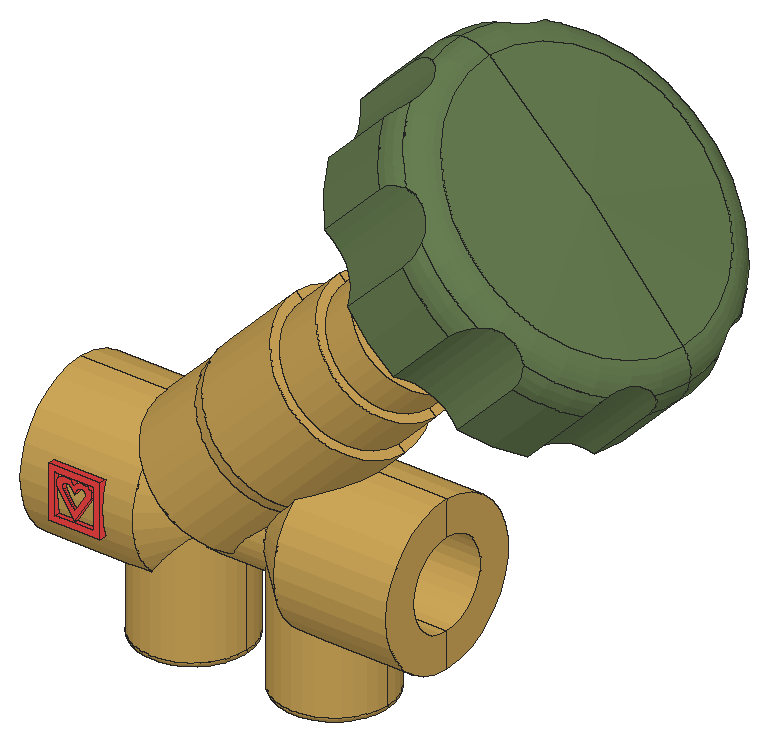
Revit family "HERZ Strömax 4125 WD", category Rohrzubehör, Revit 2021
Family settings
  Bemaßung runder Anschluss = Durchmesser verwenden
  Teiletyp = Unterbricht
  OmniClass-Nummer = 23.65.55.14
  OmniClass-Titel = Valves for Liquid Services
  Arbeitsebenenbasiert = Nein
  Immer vertikal = Ja
  Beim Laden mit Abzugskörper schneiden = Nein
  Gemeinsam genutzt = Nein
Parameters
  W01 = 45.00°  # constant formula
  Vorgabe-Ansicht = 0 mm
  URL = "www.herzvalves.com"
  Technically possible use = " "  # constant formula
  Spindle = "forged brass CW617N"  # constant formula
  SW01 = 60.00°  # constant formula
  SC_NennweiteBerechnet = 0
  SC_Dimension = ""
  SCTWSEQ = "FW_SBT_TYP_FW=\"109\";2"
  SCTWCODE = "04;00;02"  # constant formula
  S03 = 60 mm  # constant formula
  S02 [instance] = L06 + L09 + L12 + L15  # 77.9 mm
  S01 [instance] = R01 * 2  # 27 mm
  R12 [instance] = R01 - 1 mm  # 12.5 mm
  R11 [instance] = size_lookup("4125WD_", "R11", 46.5 mm, Nennweite)  # 5.1 mm
  R100 = 1 mm  # constant formula
  R10 [instance] = size_lookup("4125WD_", "R10", 46.5 mm, Nennweite)  # 8 mm
  R09 [instance] = size_lookup("4125WD_", "R9", 46.5 mm, Nennweite)  # 10.5 mm
  R08 [instance] = size_lookup("4125WD_", "R8", 46.5 mm, Nennweite)  # 12 mm
  R07 [instance] = size_lookup("4125WD_", "R7", 46.5 mm, Nennweite)  # 13.5 mm
  R06 [instance] = size_lookup("4125WD_", "R6", 43 mm, Nennweite)  # 13 mm
  R05 [instance] = Nennweite / 2  # 7.5 mm
  R03 = 9.5 mm  # constant formula
  R02 [instance] = Nennweite / 2  # 7.5 mm
  R01 [instance] = size_lookup("4125WD_", "R1", 11.5 mm, Nennweite)  # 13.5 mm
  Upper part = "DZR brass CW626N"  # constant formula
  Part number [instance] = size_lookup("4125WD_", "Artnr", 0, Nennweite)  # 2412561
  Note = "Pursuant to Article 33 of the REACH Regulation (EC No. 1907/2006), we are obliged to point out that the material lead is listed on the SVHC list and that all brass components manufactured in our products exceed 0.1% (w / w) lead (CAS: 7439-92-1 / EINECS: 231-100-4).\r\nSince lead is a component part of an alloy, actual exposure is not possible and therefore no additional information on safe use is necessary."
  Nennweite [instance] = 15 mm
  Min. flow at Dp 10 kPa [instance] = if(Nennweite = 15 mm, 0.5 L/s, if(Nennweite = 20 mm, 1.0 L/s, if(Nennweite = 25 mm, 1.75 L/s, if(Nennweite = 32 mm, 3.0 L/s, if(Nennweite = 40 mm, 4.0 L/s, if(Nennweite = 50 mm, 6.75 L/s, if(Nennweite = 65 mm, 11.0 L/s, if(Nennweite = 80 mm, 16.0 L/s, 0.0 L/s))))))))  # 0.5 L/s
  Medium = "Water"  # constant formula
  Max. service temperature (ÖVGW) = 65 °C  # constant formula
  Max. operating temperature = 80 °C  # constant formula
  Max. operating pressure = 2000000.0 Pa  # constant formula
  Max. differential pressure on closed seat = 1000000.0 Pa  # constant formula
  Max. operating pressure (ÖVGW) = 1000000.0 Pa  # constant formula
  L16 [instance] = L01 / 2  # 10 mm
  L15 [instance] = size_lookup("4125WD_", "L15", 12.4 mm, Nennweite)  # 12.4 mm
  L14 [instance] = size_lookup("4125WD_", "L14", 81 mm, Nennweite)  # 6 mm
  L12 [instance] = size_lookup("4125WD_", "L12", 81 mm, Nennweite)  # 26 mm
  L11 [instance] = size_lookup("4125WD_", "L11", 60 mm, Nennweite)  # 6.7 mm
  L10 [instance] = size_lookup("4125WD_", "L10", 20 mm, Nennweite)  # 9.3 mm
  L09 [instance] = size_lookup("4125WD_", "L9", 11 mm, Nennweite)  # 17 mm
  L08 [instance] = size_lookup("4125WD_", "L8", 35 mm, Nennweite)  # 20 mm
  L07 [instance] = size_lookup("4125WD_", "L7", 35 mm, Nennweite)  # 12.5 mm
  L06 [instance] = size_lookup("4125WD_", "L6", 118 mm, Nennweite) - L09  # 22.5 mm
  L03 = 15 mm  # constant formula
  L02 [instance] = size_lookup("4125WD_", "L2", 22 mm, Nennweite)  # 6 mm
  L01 [instance] = size_lookup("4125WD_", "L1", 48 mm, Nennweite)  # 20 mm
  L00 [instance] = size_lookup("4125WD_", "L", 180 mm, Nennweite)  # 65 mm
  Plug = "DZR brass CW626N"  # constant formula
  Hersteller = "HERZ Armaturen Ges.m.b.H."  # constant formula
  Hand wheel = "plastic, green"  # constant formula
  H01 [instance] = size_lookup("4125WD_", "H1", 53 mm, Nennweite)  # 24 mm
  Occasional temperature rises = "up to 95°C, if they do not last longer than 1 h"  # constant formula
  Seals = "EPDM"  # constant formula
  DN80 [instance] = Nennweite = 80 mm  # no
  DN65 [instance] = Nennweite = 65 mm  # no
  DN50 [instance] = Nennweite = 50 mm  # no
  DN40 [instance] = Nennweite = 40 mm  # no
  DN32 [instance] = Nennweite = 32 mm  # no
  DN25 [instance] = Nennweite = 25 mm  # no
  DN20 [instance] = Nennweite = 20 mm  # no
  DN15 [instance] = Nennweite = 15 mm  # yes
  Body = "DZR brass CC770S"  # constant formula
  Application = "For shutting off drinking water pipes in buildings."
Reference planes
  plane 1 "Mitte (Vorne/hinten)": y = 0
  plane 2: z = 0
  plane 3 "Mitte (Links/rechts)": x = 0
Forms (mm)
  Revolve 1, solid, material "Messing, weicher Gelbton, geschweißt", detail levels fine
    sketch origin (470, 0, 0) x (1, 0, 0) y (0, 0, 1)
      loop
        line (-502.5, 7.5) -> (-487.5, 7.5) -> (-487.5, 0) -> (-452.5, 0) -> (-452.5, 7.5) -> (-437.5, 7.5) -> (-437.5, 13.5) -> (-457.5, 13.5) -> (-464, 7.5) -> (-476, 7.5) -> (-482.5, 13.5) -> (-502.5, 13.5) -> (-502.5, 7.5)
      axis (-502.5, 0) -> (-437.5, 0)
    angle from 0 to 360
  Revolve 2, solid, material "Messing, weicher Gelbton, geschweißt", detail levels fine
    sketch origin (470, 0, 0) x (1, 0, 0) y (0, 0, 1)
      loop
        line (-492, 0) -> (-492, -23)
        arc (-492, -23) -> (-491.707, -23.707) -> (-491, -24) r 1
        line (-491, -24) -> (-482.5, -24) -> (-482.5, 0) -> (-492, 0)
      axis (-482.5, 0) -> (-482.5, -24)
    angle from 0 to 360
  Revolve 3, solid, material "Messing, weicher Gelbton, geschweißt", detail levels fine
    sketch origin (-470, 0, 0) x (-1, 0, 0) y (0, 0, 1)
      loop
        line (-492, 0) -> (-492, -23)
        arc (-492, -23) -> (-491.707, -23.707) -> (-491, -24) r 1
        line (-491, -24) -> (-482.5, -24) -> (-482.5, 0) -> (-492, 0)
      axis (-482.5, 0) -> (-482.5, -24)
    angle from 0 to 360
  Revolve 4, solid, material "Messing, weicher Gelbton, geschweißt", detail levels fine
    sketch origin (0.32, 0, -0.105) x (1, 0, 0) y (0, 0, 1)
      loop
        line (-12.82, 0) -> (42.264, 55.084) -> (38.657, 58.69) -> (29.889, 49.922) -> (27.839, 51.972) -> (20.767, 44.901) -> (19, 46.669) -> (14.262, 41.931) -> (13.201, 42.992) -> (6.625, 36.416) -> (5.565, 37.477) -> (-6.456, 25.456) -> (-7.87, 23.335) -> (-17.77, 13.435) -> (-18.123, 5.303) -> (-12.82, 0)
      axis (-12.82, 0) -> (42.264, 55.084)
    angle from 0 to 360
Lines and regions (mm)
  model lines, detail levels coarse+medium
    curve 1: line (-32.5, 0, 13.5) -> (-32.5, 0, -13.5)
    curve 2: line (-32.5, 0, -13.5) -> (32.5, 0, 13.5)
    curve 3: line (32.5, 0, 13.5) -> (32.5, 0, -13.5)
    curve 4: line (32.5, 0, -13.5) -> (-32.5, 0, 13.5)
    curve 5: line (0, 0, 0) -> (38.95, 0, 67.463)
    curve 6: line (12.969, 0, 82.463) -> (64.931, 0, 52.463)
    curve 7: line (-32.5, 13.5, 0) -> (-32.5, -13.5, 0)
    curve 8: line (-32.5, -13.5, 0) -> (32.5, 13.5, 0)
    curve 9: line (32.5, 13.5, 0) -> (32.5, -13.5, 0)
    curve 10: line (32.5, -13.5, 0) -> (-32.5, 13.5, 0)
    curve 11: line (0, 0, 0) -> (38.95, 67.463, 0)
    curve 12: line (12.969, 82.463, 0) -> (64.931, 52.463, 0)
Dimensions and locks
  "H01": plane 2 to Revolve 2 sketch curve
  "L00": Revolve 1 sketch curve to Revolve 1 sketch curve
  equal spacing: Revolve 1 sketch curve, plane 3 "Mitte (Links/rechts)", Revolve 1 sketch curve
  "R01": Revolve 1 sketch curve to Revolve 1 sketch curve  (x2)
  "R02": Revolve 1 sketch curve to Revolve 1 sketch curve  (x3)
  "L01": Revolve 1 sketch curve to Revolve 1 sketch curve  (x2)
  "L02": plane 3 "Mitte (Links/rechts)" to Revolve 1 sketch curve
  "L02": Revolve 1 sketch curve to plane 3 "Mitte (Links/rechts)"
  "L03": Revolve 1 sketch curve to Revolve 1 sketch curve  (x2)
  "L01": Revolve 1 to Revolve 2 sketch curve
  "R03": Revolve 2 sketch curve to Revolve 2 sketch curve
  "L01": Revolve 3 sketch curve to Revolve 1
  "R03": Revolve 3 sketch curve to Revolve 3 sketch curve
  "H01": plane 2 to Revolve 3 sketch curve
  "R07": Revolve 4 sketch curve to Revolve 4 sketch curve
  "L07": plane 3 "Mitte (Links/rechts)" to Revolve 4 sketch curve
  "R05": Revolve 4 sketch curve to Revolve 4 sketch curve
  "L06": Revolve 4 sketch curve to Revolve 4 sketch curve
  "L08": Revolve 4 sketch curve to Revolve 4 sketch curve
  "R06": Revolve 4 sketch curve to Revolve 4 sketch curve
  "L14": Revolve 4 sketch curve to Revolve 4 sketch curve
  "L09": Revolve 4 sketch curve to Revolve 4 sketch curve
  "R08": Revolve 4 sketch curve to Revolve 4 sketch curve
  "L10": Revolve 4 sketch curve to Revolve 4 sketch curve
  "R09": Revolve 4 sketch curve to Revolve 4 sketch curve
  "R10": Revolve 4 sketch curve to Revolve 4 sketch curve
  "L12": Revolve 4 sketch curve to Revolve 4 sketch curve
  "R11": Revolve 4 sketch curve to Revolve 4 sketch curve
  "L15": Revolve 4 sketch curve to Revolve 4 sketch curve
  "L11": Revolve 4 sketch curve to Revolve 4 sketch curve
  "R12": nested 9 to plane 1 "Mitte (Vorne/hinten)"
  "L16": Revolve 1 to nested 9
  equal spacing: curve 1, plane 3 "Mitte (Links/rechts)", curve 3
  "L00": curve 1 to curve 3
  equal spacing: curve 4, plane 2, curve 2
  "S01": curve 4 to curve 2
  equal spacing: curve 3, plane 2, curve 4
  "S01": curve 3 to curve 4
  "S02": curve 5 to curve 5
  equal spacing: curve 6, curve 5, curve 6
  "S03": curve 6 to curve 6
  equal spacing: curve 7, plane 3 "Mitte (Links/rechts)", curve 9
  "L00": curve 7 to curve 9
  equal spacing: curve 8, plane 1 "Mitte (Vorne/hinten)", curve 10
  "S01": curve 10 to curve 8
  equal spacing: curve 10, plane 1 "Mitte (Vorne/hinten)", curve 9
  "S01": curve 9 to curve 10
  "S02": curve 11 to curve 11
  equal spacing: curve 12, curve 11, curve 12
  "S03": curve 12 to curve 12
  "R100": radius of Revolve 2 sketch curve
  "R100": radius of Revolve 3 sketch curve
  "W01": angle plane 2 to Revolve 4 sketch curve
  "W01": angle level to Revolve 4 sketch curve
  "SW01": angle plane 2 to curve 5
  "SW01": angle plane 1 "Mitte (Vorne/hinten)" to curve 11
  aligned and locked: level to plane 2
Automatic sketch dimensions
  curve 5 to level = 0 mm
  plane 1 "Mitte (Vorne/hinten)" to curve 11 = 0 mm
  Revolve 1 sketch curve to level = 0 mm  (x2)
  Revolve 1 sketch curve to Revolve 1 sketch curve = 791.99 mm
  Revolve 1 sketch curve to Revolve 1 sketch curve = 2278.983 mm
  Revolve 2 sketch curve to level = 0 mm  (x2)
  Revolve 2 sketch curve to Revolve 2 sketch curve = 0 mm
  Revolve 2 sketch curve to Revolve 2 sketch curve = 0.292 mm
  Revolve 3 sketch curve to level = 0 mm  (x2)
  Revolve 3 sketch curve to Revolve 3 sketch curve = 0 mm
  Revolve 3 sketch curve to Revolve 3 sketch curve = 0.292 mm
  Revolve 4 sketch curve to level = 0.105 mm
  Revolve 4 sketch curve to Revolve 4 sketch curve = 0 mm  (x2)
Nested families
  nested 1: "Strömax-Handrad_Schrägsitz (Grün)" at (42.584, 0, 54.979), visible <- "DN15", type "Strömax-Handrad_Schrägsitz (Grün)", detail levels fine
    with Nennweite 0 mm, Gewicht 0.00 kg, Bestellnummer 0
  nested 2: "Strömax-Handrad_Schrägsitz (Grün)" at (54.312, 0, 67.707), visible <- "DN20", type "Strömax-Handrad_Schrägsitz (Grün)", detail levels fine
    with Nennweite 0 mm, Gewicht 0.00 kg, Bestellnummer 0
  nested 3: "Strömax-Handrad_Schrägsitz (Grün)" at (62.469, 0, 80.364), visible <- "DN25", type "Strömax-Handrad_Schrägsitz (Grün)", detail levels fine
    with Nennweite 0 mm, Gewicht 0.00 kg, Bestellnummer 0
  nested 4: "Strömax-Handrad_Schrägsitz (Grün)" at (71.712, 0, 91.607), visible <- "DN32", type "Strömax-Handrad_Schrägsitz (Grün)", detail levels fine
    with Nennweite 0 mm, Gewicht 0.00 kg, Bestellnummer 0
  nested 5: "Strömax-Handrad_Schrägsitz (Grün)" at (80.399, 0, 101.294), visible <- "DN40", type "Strömax-Handrad_Schrägsitz (Grün)", detail levels fine
    with Nennweite 0 mm, Gewicht 0.00 kg, Bestellnummer 0
  nested 6: "Strömax-Handrad_Schrägsitz (Grün)" at (97.83, 0, 129.225), visible <- "DN50", type "Strömax-Handrad_Schrägsitz (Grün)", detail levels fine
    with Nennweite 0 mm, Gewicht 0.00 kg, Bestellnummer 0
  nested 7: "Strömax-Handrad_Schrägsitz (Grün)" at (114.482, 0, 149.378), visible <- "DN65", type "Strömax-Handrad_Schrägsitz (Grün)", detail levels fine
    with Nennweite 0 mm, Gewicht 0.00 kg, Bestellnummer 0
  nested 8: "Strömax-Handrad_Schrägsitz (Grün)" at (140.423, 0, 183.319), visible <- "DN80", type "Strömax-Handrad_Schrägsitz (Grün)", detail levels fine
    with Nennweite 0 mm, Gewicht 0.00 kg, Bestellnummer 0
  nested 9: "Herz-Logo-vorne" at (-22.5, -13.232, 0) x (0, 1, 0) z (0, 0, 1), type "Herz-Logo-vorne", detail levels fine
Connectors
  piping at (-17.5, 0, 0), diameter 15, driven by "Nennweite"
    settings: on Revolve 1, index 1, connector inside diameter 609.6 mm, connector length 0 mm, flow factor 0, pipe flow 0.0 L/s, pressure drop 0.0 Pa, fitting loss kfactor 0, connector angle 0.00°, fixture units 0, engagement length 0 mm, angle of deflection 0.00°, flow configuration 0, flow direction 1, fitting loss method 0, system type 29, joint type 0, gender type 0, connector reference index -1, connector utility 0, adjustable connector no, is connector primary yes, connector description ""
  piping at (17.5, 0, 0), diameter 15, driven by "Nennweite"
    settings: on Revolve 1, index 2, connector inside diameter 609.6 mm, connector length 0 mm, flow factor 0, pipe flow 0.0 L/s, pressure drop 0.0 Pa, fitting loss kfactor 0, connector angle 0.00°, fixture units 0, engagement length 0 mm, angle of deflection 0.00°, flow configuration 0, flow direction 2, fitting loss method 0, system type 29, joint type 0, gender type 0, connector reference index -1, connector utility 0, adjustable connector no, is connector primary no, connector description ""
Definition of nested family "Strömax-Handrad_Schrägsitz (Grün)"
  Parameters (values of type "Strömax-Handrad_Schrägsitz (Grün)")
    Default Elevation = 0 mm
    URL = "www.herz-armaturen.at"
    Nennweite [instance] = 0 mm
    Manufacturer = "Herz Armaturen GmbH"  # constant formula
    Gewicht [instance] = 0.00 kg
    Bestellnummer [instance] = 0
  Reference planes
    plane 1 "Mitte (Vorne/hinten)": y = 0
    plane 2: z = 0
    plane 3 "Mitte (Links/rechts)": x = 0
  Forms (mm)
    Revolve 1, solid
      sketch origin (0, 0, 0) x (0.707107, 0, -0.707107) y (0.707107, 0, 0.707107)
        loop
          line (0, 0) -> (0, 22)
          arc (0, 22) -> (-12.15, 21.705) -> (-24.271, 20.819) r 250
          arc (-24.271, 20.819) -> (-26.831, 19.959) -> (-28.754, 18.063) r 6
          arc (-28.754, 18.063) -> (-29.682, 16.008) -> (-30, 13.776) r 8
          line (-30, 13.776) -> (-30, 0) -> (0, 0)
        axis (0, 22) -> (0, 0)
      angle from 0 to 360
    Extrusion 2, void
      sketch origin (0, 0, 0) x (0.707107, 0, -0.707107) y (0, 1, 0)
        loop
          circle (14.351, -34.645) r 10
      from 0 to 22
    Extrusion 3, void
      sketch origin (0, 0, 0) x (-0.707107, 0, 0.707107) y (0, -1, 0)
        loop
          circle (14.351, 34.645) r 10
      from 0 to 22
    Extrusion 4, void
      sketch origin (0, 0, 0) x (0, -1, 0) y (0.707107, 0, -0.707107)
        loop
          circle (14.351, 34.645) r 10
      from 0 to 22
    Extrusion 5, void
      sketch origin (0, 0, 0) x (0, 1, 0) y (-0.707107, 0, 0.707107)
        loop
          circle (14.351, -34.645) r 10
      from 0 to 22
    Extrusion 6, void
      sketch origin (0, 0, 0) x (0, -1, 0) y (0.707107, 0, -0.707107)
        loop
          circle (14.351, -34.645) r 10
      from 0 to 22
    Extrusion 7, void
      sketch origin (0, 0, 0) x (0, 1, 0) y (-0.707107, 0, 0.707107)
        loop
          circle (14.351, 34.645) r 10
      from 0 to 22
    Extrusion 8, void
      sketch origin (0, 0, 0) x (0.707107, 0, -0.707107) y (0, 1, 0)
        loop
          circle (14.351, 34.645) r 10
      from 0 to 22
    Extrusion 9, void
      sketch origin (0, 0, 0) x (-0.707107, 0, 0.707107) y (0, -1, 0)
        loop
          circle (14.351, -34.645) r 10
      from 0 to 22
  Cuts and joins
    Extrusion 2, Extrusion 3, Extrusion 4, Extrusion 5, Extrusion 6, Extrusion 7, Extrusion 8, Extrusion 9 cuts Revolve 1
  Dimensions and locks
    aligned and locked: level to plane 2
Definition of nested family "Herz-Logo-vorne"
  Parameters (values of type "Herz-Logo-vorne")
    Default Elevation = 0 mm
  Reference planes
    plane 1 "Mitte (Vorne/hinten)": y = 0
    plane 2: z = 0
    plane 3 "Mitte (Links/rechts)": x = 0
  Forms (mm)
    Extrusion 1, solid
      sketch origin (0.732, -0.018, 0.017) x (0, -1, 0) y (0, 0, 1)
        loop
          line (-0.018, -4.517) -> (4.482, -4.517) -> (4.482, 4.483) -> (-4.518, 4.483) -> (-4.518, -4.517) -> (-0.018, -4.517)
        loop
          line (-0.05, -3.48) -> (3.482, -3.48) -> (3.482, 3.483) -> (-3.518, 3.483) -> (-3.518, -3.48) -> (-0.05, -3.48)
        loop
          arc (-0.018, 2.383) -> (-1.543, 3.287) -> (-3.067, 2.383) r 1.738
          arc (-3.067, 2.383) -> (-3.191, 1.899) -> (-3.067, 1.415) r 1.009
          line (-3.067, 1.415) -> (-0.018, -3.281) -> (3.032, 1.415)
          arc (3.032, 1.415) -> (3.156, 1.899) -> (3.032, 2.383) r 1.009
          arc (3.032, 2.383) -> (1.507, 3.287) -> (-0.018, 2.383) r 1.738
        loop
          arc (1.885, 1.272) -> (2.005, 1.675) -> (1.885, 2.079) r 0.74
          arc (1.885, 2.079) -> (1.265, 2.416) -> (0.644, 2.079) r 0.74
          line (0.644, 2.079) -> (-0.018, 0.97) -> (-0.679, 2.079)
          arc (-0.679, 2.079) -> (-1.3, 2.416) -> (-1.921, 2.079) r 0.74
          arc (-1.921, 2.079) -> (-2.04, 1.675) -> (-1.921, 1.272) r 0.74
          line (-1.921, 1.272) -> (-0.018, -1.658) -> (1.885, 1.272)
      from 0 to 1.5
  Dimensions and locks
    aligned and locked: level to plane 2
